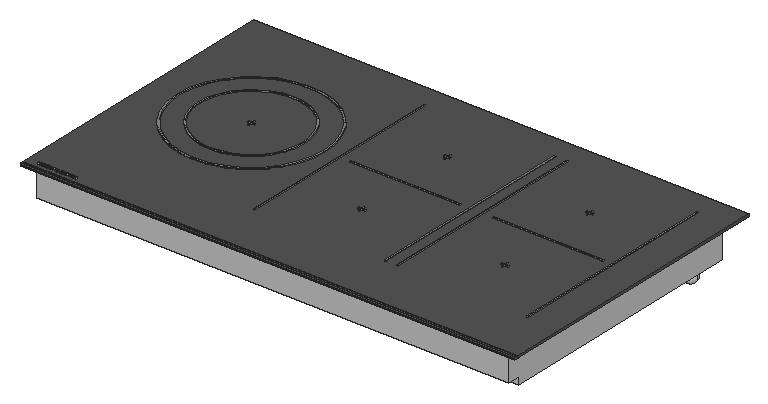
Revit family "FP_Revit_18_CI365DTB4_Cooktop_90000843A", category Specialty Equipment, Revit 2018
Family settings
  Round Connector Dimension = Use Diameter
  Part Type = Normal
  OmniClass Number = 23.40.40.14.17.11
  OmniClass Title = Cookers, Ovens, Stoves
  Work Plane-Based = No
  Always vertical = Yes
  Cut with Voids When Loaded = Yes
  Shared = No
  Room Calculation Point = No
Parameters
  Visibility - Clearance Required = yes
  URL = "www.fisherpaykel.com"
  Product - Width = 899 mm  # constant formula
  Product - Height = 99 mm  # constant formula
  Product - Depth = 530 mm  # constant formula
  Model = "CI365DTB4"
  Material - Trim = Fisher & Paykel - Aluminium, Dark
  Material - Graphics = Fisher & Paykel - Graphics Grey
  Material - Cooktop = Fisher & Paykel - Glass, Black
  Material - Body = Fisher & Paykel - Grey
  Manufacturer = "Fisher & Paykel Appliances"
  FFL Offset [instance] = 915 mm
  Description = "36\" Induction Cooktop"
  Connector Note - Electrical = "208 or 240 V, 39 A or 45 A, 60 Hz,"
  Clearance - Side Combustible = 30 mm  # constant formula
  Clearance - Rear Combustible = 30 mm  # constant formula
  Clearance - Overhead Rangehood = 650 mm  # constant formula
  Clearance - Overhead Non-Combustible = 610 mm  # constant formula
  Clearance - Overhead Combustible = 762 mm  # constant formula
  Clearance - Below = 65 mm  # constant formula
  Chassis - Width = 858 mm  # constant formula
  Chassis - Height = 62 mm  # constant formula
  Chassis - Depth = 484 mm  # constant formula
  Cavity - Width = 870 mm  # constant formula
  Cavity - Height = 62 mm  # constant formula
  Cavity - Depth = 494 mm  # constant formula
Reference planes
  plane 1 "Datum": y = 0
  plane 2: z = 0
  plane 3 "Center (Left/Right)": x = 0
  plane 4 "Product LHS": x = -449.5
  plane 5 "Product RHS": x = 449.5
  plane 6 "Product - Depth": y = 530
  plane 7 "Cavity LHS": x = -435
  plane 8 "Cavity RHS": x = 435
  plane 9 "Chassis - Front": y = 12.2
  plane 10 "Cavity - Front": y = 7.2
  plane 11 "Cavity - Depth": y = 501.2
  plane 12 "Chassis - Depth": y = 496.2
  plane 13 "Basepan": z = 853
  plane 14 "Countertop": z = 915
  plane 15 "Glass": z = 920
Forms (mm)
  Extrusion 1, solid, material "Fisher & Paykel - Glass, Black" <- "Material - Cooktop"
    sketch origin (0, 0, 0) x (0, 1, 0) y (0, 0, 1)
      loop
        line (5.299, 920) -> (5.299, 916) -> (530, 916) -> (530, 920) -> (5.299, 920)
    from -449.5 to 449.5
  Extrusion 2, solid, material "Fisher & Paykel - Aluminium, Dark" <- "Material - Trim", detail levels fine
    sketch origin (0, 0, 0) x (0, 1, 0) y (0, 0, 1)
      loop
        line (5.299, 920) -> (0.45, 920) -> (0, 916.5) -> (0, 915) -> (8.39, 915) -> (8.39, 916) -> (5.299, 916) -> (5.299, 920)
    from -449.5 to 449.5
  Extrusion 3, solid, material "Fisher & Paykel - Clearance Required (Cutout)", visible <- "Visibility - Clearance Required", detail levels coarse
    sketch origin (0, 0, 0) x (1, 0, 0) y (0, 1, 0)
      loop
        line (-435, 501.2) -> (-435, 7.2) -> (435, 7.2) -> (435, 501.2) -> (-435, 501.2)
    from 853 to 915
  Extrusion 4, solid, material "Fisher & Paykel - Aluminium, Dark" <- "Material - Trim", detail levels coarse+medium
    sketch origin (0, 0, 0) x (0, 1, 0) y (0, 0, 1)
      loop
        line (5.299, 920) -> (0, 920) -> (0, 915) -> (5.299, 915) -> (5.299, 920)
    from -449.5 to 449.5
  Extrusion 5, solid, material "Fisher & Paykel - Clearance Required (Combustible)", visible <- "Visibility - Clearance Required", detail levels coarse
    sketch origin (0, 0, 0) x (1, 0, 0) y (0, 1, 0)
      loop
        line (449.5, 0) -> (465, 0) -> (465, 538.387) -> (-465, 538.387) -> (-465, 0) -> (-449.5, 0) -> (-449.5, 530) -> (449.5, 530) -> (449.5, 0)
    from 920 to 1682
  Extrusion 6, solid, material "Fisher & Paykel - Clearance Required (Non-Combustible)", visible <- "Visibility - Clearance Required", detail levels coarse
    sketch origin (0, 0, 0) x (1, 0, 0) y (0, 1, 0)
      loop
        line (-449.5, 0) -> (449.5, 0) -> (449.5, 530) -> (-449.5, 530) -> (-449.5, 0)
    from 920 to 1530
  Extrusion 7, solid, material "Fisher & Paykel - Clearance Required (Rangehood)", visible <- "Visibility - Clearance Required", detail levels coarse
    sketch origin (0, 0, 0) x (1, 0, 0) y (0, 1, 0)
      loop
        line (-449.5, 530) -> (-449.5, 0) -> (449.5, 0) -> (449.5, 530) -> (-449.5, 530)
    from 1530 to 1570
  Extrusion 8, solid, material "Fisher & Paykel - Clearance Required", visible <- "Visibility - Clearance Required", detail levels coarse
    sketch origin (0, 0, 0) x (1, 0, 0) y (0, 1, 0)
      loop
        line (-435, 7.2) -> (435, 7.2) -> (435, 501.2) -> (-435, 501.2) -> (-435, 7.2)
    from 788 to 853
  Extrusion 9, solid, material "Fisher & Paykel - Grey" <- "Material - Body"
    sketch origin (0, 0, 0) x (0, 1, 0) y (0, 0, 1)
      loop
        line (34.2, 865.8) -> (34.2, 853) -> (496.2, 853) -> (496.2, 915) -> (12.2, 915) -> (12.2, 865.8) -> (34.2, 865.8)
    from -429 to 429
  Extrusion 10, void
    sketch origin (0, 0, 0) x (1, 0, 0) y (0, 1, 0)
      loop
        line (321.2, 277.887) -> (321.2, 317.887) -> (251.2, 317.887) -> (251.2, 277.887) -> (321.2, 277.887)
      loop
        line (321.2, 387.887) -> (321.2, 427.887) -> (251.2, 427.887) -> (251.2, 387.887) -> (321.2, 387.887)
      loop
        line (53.4, 317.887) -> (53.4, 387.887) -> (14.226, 387.887) -> (14.226, 317.887) -> (53.4, 317.887)
      loop
        line (-56.6, 317.887) -> (-56.6, 387.887) -> (-96.6, 387.887) -> (-96.6, 317.887) -> (-56.6, 317.887)
      loop
        line (-318.1, 291.637) -> (-318.1, 333.587) -> (-389.85, 333.587) -> (-389.85, 291.637) -> (-318.1, 291.637)
      loop
        line (-318.1, 403.587) -> (-318.1, 443.474) -> (-389.85, 443.474) -> (-389.85, 403.587) -> (-318.1, 403.587)
    from 853 to 870
  Extrusion 11, solid, material "Fisher & Paykel - Graphics Grey" <- "Material - Graphics", detail levels fine
    sketch origin (0, 0, 0) x (1, 0, 0) y (0, 1, 0)
      loop
        line (-104.787, 487.711) -> (-106.987, 487.711) -> (-106.987, 102.565) -> (-104.787, 102.565) -> (-104.787, 487.711)
      loop
        line (-86.192, 296.525) -> (-86.192, 294.325) -> (113.808, 294.325) -> (113.808, 296.525) -> (-86.192, 296.525)
      loop
        line (130.504, 487.711) -> (130.504, 102.565) -> (132.704, 102.565) -> (132.704, 487.711) -> (130.504, 487.711)
      loop
        line (152.482, 102.565) -> (154.682, 102.565) -> (154.682, 487.711) -> (152.482, 487.711) -> (152.482, 102.565)
      loop
        line (172.974, 296.525) -> (172.974, 294.325) -> (372.974, 294.325) -> (372.974, 296.525) -> (172.974, 296.525)
      loop
        line (389.77, 487.711) -> (389.77, 102.565) -> (391.97, 102.565) -> (391.97, 487.711) -> (389.77, 487.711)
      loop
        circle (-265.593, 295.061) r 131.061
      loop
        circle (-265.593, 295.061) r 134.065
      loop
        circle (-265.593, 295.061) r 93.54
      loop
        circle (-265.593, 295.061) r 95.565
      loop
        line (-271.743, 296.045) -> (-271.743, 294.077) -> (-266.577, 294.077) -> (-266.577, 288.911) -> (-264.609, 288.911) -> (-264.609, 294.077) -> (-259.443, 294.077) -> (-259.443, 296.045) -> (-264.609, 296.045) -> (-264.609, 301.211) -> (-266.577, 301.211) -> (-266.577, 296.045) -> (-271.743, 296.045)
      loop
        line (6.709, 199.066) -> (6.709, 197.098) -> (11.875, 197.098) -> (11.875, 191.932) -> (13.843, 191.932) -> (13.843, 197.098) -> (19.009, 197.098) -> (19.009, 199.066) -> (13.843, 199.066) -> (13.843, 204.232) -> (11.875, 204.232) -> (11.875, 199.066) -> (6.709, 199.066)
      loop
        line (266.112, 199.066) -> (266.112, 197.098) -> (271.278, 197.098) -> (271.278, 191.932) -> (273.246, 191.932) -> (273.246, 197.098) -> (278.412, 197.098) -> (278.412, 199.066) -> (273.246, 199.066) -> (273.246, 204.232) -> (271.278, 204.232) -> (271.278, 199.066) -> (266.112, 199.066)
      loop
        line (6.709, 393.008) -> (6.709, 391.041) -> (11.875, 391.041) -> (11.875, 385.875) -> (13.843, 385.875) -> (13.843, 391.041) -> (19.009, 391.041) -> (19.009, 393.008) -> (13.843, 393.008) -> (13.843, 398.175) -> (11.875, 398.175) -> (11.875, 393.008) -> (6.709, 393.008)
      loop
        line (266.112, 393.008) -> (266.112, 391.041) -> (271.278, 391.041) -> (271.278, 385.875) -> (273.246, 385.875) -> (273.246, 391.041) -> (278.412, 391.041) -> (278.412, 393.008) -> (273.246, 393.008) -> (273.246, 398.175) -> (271.278, 398.175) -> (271.278, 393.008) -> (266.112, 393.008)
    from 920 to 921
  Extrusion 12, solid, material "Fisher & Paykel - Grey" <- "Material - Body"
    sketch origin (0, 0, 0) x (1, 0, 0) y (0, 1, 0)
      loop
        line (-440, 520.2) -> (-440, 8.39) -> (440, 8.39) -> (440, 520.2) -> (-440, 520.2)
    from 915 to 916
  Extrusion 13, solid, material "Fisher & Paykel - Clearance Required (Combustible)", visible <- "Visibility - Clearance Required", detail levels coarse
    sketch origin (0, 0, 0) x (1, 0, 0) y (0, 1, 0)
      loop
        line (-449.5, 530) -> (-449.5, 0) -> (449.5, 0) -> (449.5, 530) -> (-449.5, 530)
    from 1570 to 1682
  Extrusion 14, void
    sketch origin (0, 0, 0) x (1, 0, 0) y (0, 1, 0)
      loop
        line (-435, 7.2) -> (435, 7.2) -> (435, 501.2) -> (-435, 501.2) -> (-435, 7.2)
    from 788 to 915
Cuts and joins
  Extrusion 10 cuts Extrusion 1
  Extrusion 10 cuts Extrusion 6
  Extrusion 10 cuts Extrusion 9
Text (mm)
  text "Due to ongoing product development, product details are subject to change without notice. \nPlease always refer to www.fisherpaykel.com for the most current product information. \n© Fisher & Paykel 2020" at (41.04, -387.478, 0), in view "Ref. Level (Plan)"
Dimensions and locks
  equal spacing: plane 4 "Product LHS", plane 3 "Center (Left/Right)", plane 5 "Product RHS"
  "Product - Width": plane 4 "Product LHS" to plane 5 "Product RHS"
  equal spacing: plane 7 "Cavity LHS", plane 3 "Center (Left/Right)", plane 8 "Cavity RHS"
  "Cavity - Width": plane 7 "Cavity LHS" to plane 8 "Cavity RHS"
  "Product - Depth": Extrusion 1 to plane 1 "Datum"
  equal spacing: Extrusion 9, plane 3 "Center (Left/Right)", Extrusion 9
  "Chassis - Width": Extrusion 9 to Extrusion 9
  "Clearance - Side Combustible": plane 8 "Cavity RHS" to Extrusion 5
  "Clearance - Side Combustible": Extrusion 5 to plane 7 "Cavity LHS"
  plane 1 "Datum" to plane 9 "Chassis - Front" = 12.2 mm
  plane 10 "Cavity - Front" to plane 9 "Chassis - Front" = 5 mm
  "Cavity - Depth": plane 11 "Cavity - Depth" to plane 10 "Cavity - Front"
  "Chassis - Depth": plane 12 "Chassis - Depth" to plane 9 "Chassis - Front"
  equal spacing: Extrusion 12 sketch curve, plane 3 "Center (Left/Right)", Extrusion 12 sketch curve
  plane 4 "Product LHS" to Extrusion 12 sketch curve = 9.5 mm
  locked: plane 4 "Product LHS" to nested 1 at 20.001
  "Chassis - Height": plane 14 "Countertop" to plane 13 "Basepan"
  locked: plane 15 "Glass" to plane 14 "Countertop" at 5
  "FFL Offset": plane 14 "Countertop" to level
  "Cavity - Height": plane 14 "Countertop" to Extrusion 8
  "Clearance - Below": Extrusion 8 to Extrusion 8
  locked: plane 15 "Glass" to Extrusion 1 sketch curve at 4
  locked: Extrusion 11 to plane 15 "Glass" at 1
  locked: cut or joined group of Extrusion 9, Extrusion 10 to plane 13 "Basepan" at 17
  locked: plane 13 "Basepan" to nested 2 at 13
  locked: nested 1 to plane 15 "Glass" at 0.8
  "Clearance - Overhead Non-Combustible": cut or joined group of Extrusion 6, Extrusion 10 to plane 15 "Glass"
  "Clearance - Overhead Combustible": Extrusion 5 to plane 15 "Glass"
  "Clearance - Overhead Rangehood": Extrusion 7 to plane 15 "Glass"
  aligned and locked: level to plane 2
  aligned and locked: Extrusion 1 to plane 5 "Product RHS"
  aligned and locked: Extrusion 1 to plane 4 "Product LHS"
  aligned and locked: Extrusion 2 to plane 5 "Product RHS"
  aligned and locked: Extrusion 7 to Extrusion 6
  aligned and locked: plane 4 "Product LHS" to Extrusion 4
  aligned and locked: Extrusion 4 to plane 5 "Product RHS"
  aligned and locked: Extrusion 4 to Extrusion 1
  aligned and locked: Extrusion 1 to Extrusion 4
  aligned and locked: Extrusion 5 sketch curve to plane 5 "Product RHS"
  aligned and locked: plane 11 "Cavity - Depth" to Extrusion 3
  aligned and locked: Extrusion 3 to Extrusion 8
  aligned and locked: Extrusion 8 to Extrusion 3  (x2)
  aligned and locked: plane 10 "Cavity - Front" to Extrusion 8
  aligned and locked: plane 4 "Product LHS" to Extrusion 2
  aligned and locked: plane 14 "Countertop" to Extrusion 3
  aligned and locked: Extrusion 6 to plane 15 "Glass"
  aligned and locked: Extrusion 5 to cut or joined group of Extrusion 6, Extrusion 10
  aligned and locked: Extrusion 1 sketch curve to plane 15 "Glass"
  aligned and locked: plane 14 "Countertop" to Extrusion 9 sketch curve
  aligned and locked: Extrusion 9 sketch curve to plane 13 "Basepan"
  aligned and locked: Extrusion 5 to Extrusion 11
  aligned and locked: Extrusion 3 to Extrusion 10
  aligned and locked: Extrusion 2 sketch curve to plane 14 "Countertop"
  aligned and locked: Extrusion 2 sketch curve to cut or joined group of Extrusion 1, Extrusion 10
  aligned and locked: plane 15 "Glass" to Extrusion 2 sketch curve
  aligned and locked: Extrusion 4 to Extrusion 2  (x2)
  aligned and locked: Extrusion 12 to cut or joined group of Extrusion 1, Extrusion 10
  aligned and locked: Extrusion 12 to Extrusion 3
  aligned and locked: Extrusion 5 to Extrusion 13
  aligned and locked: Extrusion 13 to Extrusion 7
  aligned and locked: Extrusion 14 to Extrusion 3
  aligned and locked: Extrusion 14 to Extrusion 8
Automatic sketch dimensions
  Extrusion 1 sketch curve to plane 6 "Product - Depth" = 0 mm
  plane 10 "Cavity - Front" to Extrusion 1 sketch curve = 1.901 mm
  Extrusion 2 sketch curve to plane 1 "Datum" = 0 mm
  Extrusion 2 sketch curve to plane 1 "Datum" = 0.45 mm
  plane 10 "Cavity - Front" to Extrusion 2 sketch curve = 1.901 mm
  Extrusion 2 sketch curve to plane 10 "Cavity - Front" = 1.19 mm
  Extrusion 2 sketch curve to Extrusion 2 sketch curve = 1.5 mm
  plane 10 "Cavity - Front" to Extrusion 3 sketch curve = 0 mm
  Extrusion 3 sketch curve to plane 11 "Cavity - Depth" = 0 mm
  plane 7 "Cavity LHS" to Extrusion 3 sketch curve = 0 mm
  Extrusion 3 sketch curve to plane 8 "Cavity RHS" = 0 mm
  Extrusion 4 sketch curve to plane 1 "Datum" = 0 mm
  Extrusion 4 sketch curve to plane 14 "Countertop" = 0 mm
  Extrusion 4 sketch curve to plane 15 "Glass" = 0 mm
  plane 10 "Cavity - Front" to Extrusion 4 sketch curve = 1.901 mm
  plane 1 "Datum" to Extrusion 5 sketch curve = 0 mm  (x2)
  Extrusion 5 sketch curve to plane 4 "Product LHS" = 0 mm
  Extrusion 5 sketch curve to plane 6 "Product - Depth" = 0 mm
  plane 4 "Product LHS" to Extrusion 5 sketch curve = 15.5 mm
  Extrusion 5 sketch curve to plane 5 "Product RHS" = 15.5 mm
  plane 6 "Product - Depth" to Extrusion 5 sketch curve = 8.387 mm
  Extrusion 6 sketch curve to plane 4 "Product LHS" = 0 mm
  Extrusion 6 sketch curve to plane 5 "Product RHS" = 0 mm
  plane 1 "Datum" to Extrusion 6 sketch curve = 0 mm
  Extrusion 6 sketch curve to plane 6 "Product - Depth" = 0 mm
  plane 1 "Datum" to Extrusion 7 sketch curve = 0 mm
  Extrusion 7 sketch curve to plane 4 "Product LHS" = 0 mm
  Extrusion 7 sketch curve to plane 5 "Product RHS" = 0 mm
  Extrusion 7 sketch curve to plane 6 "Product - Depth" = 0 mm
  Extrusion 8 sketch curve to plane 11 "Cavity - Depth" = 0 mm
  plane 10 "Cavity - Front" to Extrusion 8 sketch curve = 0 mm
  plane 7 "Cavity LHS" to Extrusion 8 sketch curve = 0 mm
  Extrusion 8 sketch curve to plane 8 "Cavity RHS" = 0 mm
  Extrusion 9 sketch curve to plane 9 "Chassis - Front" = 0 mm
  Extrusion 9 sketch curve to plane 12 "Chassis - Depth" = 0 mm
  Extrusion 9 sketch curve to plane 9 "Chassis - Front" = 22 mm
  Extrusion 9 sketch curve to Extrusion 9 sketch curve = 12.8 mm
  Extrusion 10 sketch curve to plane 7 "Cavity LHS" = 45.15 mm  (x2)
  Extrusion 10 sketch curve to Extrusion 10 sketch curve = 71.75 mm
  Extrusion 10 sketch curve to Extrusion 10 sketch curve = 0 mm  (x3)
  Extrusion 10 sketch curve to plane 3 "Center (Left/Right)" = 96.6 mm
  Extrusion 10 sketch curve to Extrusion 10 sketch curve = 40 mm  (x3)
  plane 3 "Center (Left/Right)" to Extrusion 10 sketch curve = 14.226 mm
  Extrusion 10 sketch curve to Extrusion 10 sketch curve = 39.174 mm
  Extrusion 10 sketch curve to plane 12 "Chassis - Depth" = 68.313 mm
  plane 8 "Cavity RHS" to Extrusion 10 sketch curve = 183.8 mm
  Extrusion 10 sketch curve to Extrusion 10 sketch curve = 70 mm  (x5)
  Extrusion 10 sketch curve to plane 12 "Chassis - Depth" = 92.613 mm
  Extrusion 10 sketch curve to plane 12 "Chassis - Depth" = 108.313 mm  (x2)
  Extrusion 10 sketch curve to Extrusion 10 sketch curve = 41.95 mm
  Extrusion 10 sketch curve to Extrusion 10 sketch curve = 39.887 mm
  Extrusion 11 sketch curve to Extrusion 11 sketch curve = 0 mm  (x25)
  Extrusion 11 sketch curve to plane 7 "Cavity LHS" = 163.257 mm
  Extrusion 11 sketch curve to Extrusion 11 sketch curve = 5.166 mm  (x20)
  Extrusion 11 sketch curve to Extrusion 11 sketch curve = 0.984 mm  (x3)
  Extrusion 11 sketch curve to Extrusion 11 sketch curve = 1.968 mm  (x18)
  Extrusion 11 sketch curve to plane 12 "Chassis - Depth" = 8.489 mm  (x4)
  Extrusion 11 sketch curve to plane 3 "Center (Left/Right)" = 106.987 mm
  Extrusion 11 sketch curve to Extrusion 11 sketch curve = 2.2 mm  (x6)
  Extrusion 11 sketch curve to plane 3 "Center (Left/Right)" = 86.192 mm
  plane 3 "Center (Left/Right)" to Extrusion 11 sketch curve = 6.709 mm  (x2)
  plane 3 "Center (Left/Right)" to Extrusion 11 sketch curve = 113.808 mm
  plane 3 "Center (Left/Right)" to Extrusion 11 sketch curve = 130.504 mm
  Extrusion 11 sketch curve to Extrusion 11 sketch curve = 19.778 mm
  Extrusion 11 sketch curve to Extrusion 11 sketch curve = 59.166 mm
  Extrusion 11 sketch curve to Extrusion 11 sketch curve = 93.138 mm  (x2)
  plane 8 "Cavity RHS" to Extrusion 11 sketch curve = 62.026 mm
  plane 8 "Cavity RHS" to Extrusion 11 sketch curve = 45.23 mm
  Extrusion 11 sketch curve to plane 12 "Chassis - Depth" = 98.025 mm  (x2)
  Extrusion 11 sketch curve to plane 12 "Chassis - Depth" = 194.989 mm
  Extrusion 11 sketch curve to Extrusion 11 sketch curve = 94.516 mm
  Extrusion 11 sketch curve to Extrusion 11 sketch curve = 90.093 mm  (x2)
  Extrusion 11 sketch curve to plane 9 "Chassis - Front" = 90.365 mm  (x3)
  Extrusion 12 sketch curve to plane 10 "Cavity - Front" = 1.19 mm
  Extrusion 12 sketch curve to plane 6 "Product - Depth" = 9.8 mm
  plane 1 "Datum" to Extrusion 13 sketch curve = 0 mm
  Extrusion 13 sketch curve to plane 4 "Product LHS" = 0 mm
  Extrusion 13 sketch curve to plane 5 "Product RHS" = 0 mm
  Extrusion 13 sketch curve to plane 6 "Product - Depth" = 0 mm
  Extrusion 14 sketch curve to plane 11 "Cavity - Depth" = 0 mm
  plane 10 "Cavity - Front" to Extrusion 14 sketch curve = 0 mm
  plane 7 "Cavity LHS" to Extrusion 14 sketch curve = 0 mm
  Extrusion 14 sketch curve to plane 8 "Cavity RHS" = 0 mm
  radius of Extrusion 11 sketch curve = 131.061 mm
  radius of Extrusion 11 sketch curve = 134.065 mm
  radius of Extrusion 11 sketch curve = 93.54 mm
  radius of Extrusion 11 sketch curve = 95.565 mm
Nested families
  nested 1: "F&P Logo 70mm Horizontal" at (-394.501, 14.253, 920), type "F&P Logo 70mm Horizontal"
  nested 2: "F&P Power Connection Cooktop" at (399.3, 461.987, 915), type "F&P Power Connection Cooktop"
Connectors
  electrical at (359.3, 392.906, 832.8), driven by "Connector Note - Electrical"
    settings: on nested 2, index 1, voltage 120 V, apparent load 0 VA, apparent load phase1 0 VA, apparent load phase2 0 VA, apparent load phase3 0 VA, power factor 1, load classification "Other", number of poles 2, system type 30, power factor state 1, is connector primary yes, connector utility no, sub classification motor no, connector description "208 or 240 V, 39 A or 45 A, 60 Hz,"
Definition of nested family "F&P Logo 70mm Horizontal"
  Parameters (values of type "F&P Logo 70mm Horizontal")
    URL = "www.fisherpaykel.com"
    Material - Logo = none
    Manufacturer = "Fisher & Paykel Appliances"
  Reference planes
    plane 1 "Center (Front/Back)": y = 0
    plane 2: z = 0
    plane 3 "Center (Left/Right)": x = 0
  Forms (mm)
    Extrusion 1, solid, material <- "Material - Logo", detail levels fine
      sketch origin (0, 0, 0) x (1, 0, 0) y (0, 1, 0)
        loop
          line (-34.997, -0.356) -> (-33.895, -0.356) -> (-33.895, 1.141) -> (-32.174, 1.141) -> (-32.174, 2.075) -> (-33.895, 2.075) -> (-33.895, 2.943) -> (-32.023, 2.943) -> (-32.023, 3.872) -> (-34.997, 3.872) -> (-34.997, -0.356)
        loop
          line (-29.929, 3.872) -> (-29.929, -0.356) -> (-28.828, -0.356) -> (-28.828, 3.872) -> (-29.929, 3.872)
        loop
          line (-21.473, 3.872) -> (-21.473, -0.356) -> (-20.372, -0.356) -> (-20.372, 1.338) -> (-18.754, 1.338) -> (-18.754, -0.356) -> (-17.652, -0.356) -> (-17.652, 3.872) -> (-18.754, 3.872) -> (-18.754, 2.268) -> (-20.372, 2.268) -> (-20.372, 3.872) -> (-21.473, 3.872)
        loop
          line (-15.301, 3.872) -> (-15.301, -0.356) -> (-12.288, -0.356) -> (-12.288, 0.444) -> (-14.209, 0.444) -> (-14.209, 1.338) -> (-12.453, 1.338) -> (-12.453, 2.268) -> (-14.209, 2.268) -> (-14.209, 3.072) -> (-12.288, 3.072) -> (-12.288, 3.872) -> (-15.301, 3.872)
        loop
          line (32, 3.872) -> (32, -0.356) -> (35.003, -0.356) -> (35.003, 0.574) -> (33.102, 0.574) -> (33.102, 3.872) -> (32, 3.872)
        loop
          line (29.735, 3.872) -> (26.712, 3.872) -> (26.712, -0.356) -> (29.735, -0.356) -> (29.735, 0.444) -> (27.814, 0.444) -> (27.814, 1.338) -> (29.57, 1.338) -> (29.57, 2.268) -> (27.814, 2.268) -> (27.814, 3.072) -> (29.735, 3.072) -> (29.735, 3.872)
        loop
          line (23.449, 1.848) -> (25.012, 3.872) -> (23.724, 3.872) -> (22.374, 2.124) -> (22.374, 3.872) -> (21.273, 3.872) -> (21.273, -0.356) -> (22.374, -0.356) -> (22.374, 1.538) -> (23.765, -0.356) -> (25.067, -0.356) -> (23.449, 1.848)
        loop
          line (15.42, 3.872) -> (17.017, 1.338) -> (17.017, -0.356) -> (18.119, -0.356) -> (18.119, 1.283) -> (19.717, 3.872) -> (18.546, 3.872) -> (17.603, 2.239) -> (16.66, 3.872) -> (15.42, 3.872)
        loop
          line (12.969, 3.872) -> (11.922, 3.872) -> (10.2, -0.356) -> (11.282, -0.356) -> (11.585, 0.422) -> (13.278, 0.422) -> (13.581, -0.356) -> (14.69, -0.356) -> (12.969, 3.872)
        loop
          line (12.913, 1.352) -> (12.419, 2.566) -> (11.946, 1.352) -> (12.913, 1.352)
        loop
          line (5.556, 3.872) -> (5.556, -0.356) -> (6.653, -0.356) -> (6.653, 1.001) -> (7.453, 1.001)
          spline (7.453, 1.001) -> (7.884, 1.05) -> (8.285, 1.193) -> (8.63, 1.421) -> (8.895, 1.719) -> (9.061, 2.065) -> (9.118, 2.436) -> (9.061, 2.808) -> (8.895, 3.154) -> (8.63, 3.452) -> (8.285, 3.68) -> (7.884, 3.823) -> (7.453, 3.872)
          line (7.453, 3.872) -> (5.556, 3.872)
        loop
          spline (7.385, 1.882) -> (7.558, 1.9) -> (7.72, 1.953) -> (7.858, 2.037) -> (7.965, 2.147) -> (8.032, 2.275) -> (8.055, 2.412) -> (8.032, 2.55) -> (7.965, 2.677) -> (7.858, 2.787) -> (7.72, 2.872) -> (7.558, 2.924) -> (7.385, 2.943)
          line (7.385, 2.943) -> (6.585, 2.943) -> (6.585, 1.882) -> (7.385, 1.882)
        loop
          line (-8.294, 2.943) -> (-9.094, 2.943) -> (-9.094, 1.781) -> (-8.294, 1.781)
          spline (-8.294, 1.781) -> (-8.121, 1.801) -> (-7.96, 1.859) -> (-7.822, 1.951) -> (-7.716, 2.072) -> (-7.649, 2.212) -> (-7.626, 2.362) -> (-7.649, 2.512) -> (-7.716, 2.652) -> (-7.822, 2.772) -> (-7.96, 2.865) -> (-8.121, 2.923) -> (-8.294, 2.943)
        loop
          line (-8.214, 3.872) -> (-10.262, 3.872) -> (-10.262, -0.356) -> (-9.094, -0.356) -> (-9.094, 0.492) -> (-8.294, 0.492) -> (-7.647, -0.356) -> (-6.373, -0.356) -> (-7.445, 1.016)
          spline (-7.445, 1.016) -> (-7.148, 1.205) -> (-6.902, 1.45) -> (-6.72, 1.739) -> (-6.611, 2.058) -> (-6.58, 2.391) -> (-6.628, 2.723) -> (-6.754, 3.037) -> (-6.95, 3.317) -> (-7.208, 3.551) -> (-7.515, 3.726) -> (-7.856, 3.835) -> (-8.214, 3.872)
        loop
          line (0.368, 2.943) -> (0.368, 3.951) -> (-2.559, 3.951) -> (-2.559, 3.151) -> (-2.048, 2.522)
          spline (-2.048, 2.522) -> (-2.373, 2.187) -> (-2.606, 1.789) -> (-2.731, 1.355) -> (-2.74, 0.914) -> (-2.632, 0.497) -> (-2.414, 0.133) -> (-2.102, -0.155) -> (-1.716, -0.347) -> (-1.283, -0.429) -> (-0.832, -0.395) -> (-0.395, -0.249) -> (0, 0)
          line (0, 0) -> (0.504, -0.621) -> (1.644, -0.621) -> (0.602, 0.712) -> (1.591, 2.137) -> (0.459, 2.137) -> (0.003, 1.48) -> (-1.14, 2.943) -> (0.368, 2.943)
        loop
          spline (-1.353, 1.874) -> (-1.563, 1.673) -> (-1.729, 1.449) -> (-1.839, 1.217) -> (-1.886, 0.992) -> (-1.867, 0.792) -> (-1.783, 0.627) -> (-1.639, 0.511) -> (-1.447, 0.451) -> (-1.218, 0.451) -> (-0.968, 0.512) -> (-0.714, 0.628) -> (-0.475, 0.792)
          line (-0.475, 0.792) -> (-1.353, 1.874)
        loop
          arc (-25.449, 3.004) -> (-24.591, 2.949) -> (-23.808, 2.592) r 2.379
          line (-23.808, 2.592) -> (-23.808, 3.586)
          arc (-23.808, 3.586) -> (-24.619, 3.915) -> (-25.494, 3.936) r 2.437
          arc (-25.494, 3.936) -> (-26.617, 2.99) -> (-26.18, 1.588) r 1.327
          arc (-26.18, 1.588) -> (-25.746, 1.367) -> (-25.276, 1.236) r 2.46
          spline (-25.276, 1.236) -> (-25.124, 1.211) -> (-24.98, 1.158) -> (-24.856, 1.083) -> (-24.761, 0.989) -> (-24.703, 0.886) -> (-24.686, 0.78) -> (-24.713, 0.681) -> (-24.78, 0.596) -> (-24.882, 0.532) -> (-25.011, 0.494) -> (-25.158, 0.485) -> (-25.311, 0.505)
          arc (-25.311, 0.505) -> (-26.045, 0.647) -> (-26.714, 0.98) r 2.761
          line (-26.714, 0.98) -> (-26.714, -0.067)
          arc (-26.714, -0.067) -> (-25.66, -0.377) -> (-24.564, -0.318) r 3.237
          arc (-24.564, -0.318) -> (-23.597, 0.72) -> (-24.205, 2.002) r 1.263
          arc (-24.205, 2.002) -> (-24.834, 2.249) -> (-25.488, 2.42) r 5.78
          spline (-25.488, 2.42) -> (-25.537, 2.449) -> (-25.58, 2.49) -> (-25.615, 2.541) -> (-25.639, 2.6) -> (-25.653, 2.664) -> (-25.654, 2.73) -> (-25.644, 2.795) -> (-25.622, 2.856) -> (-25.59, 2.909) -> (-25.549, 2.953) -> (-25.502, 2.985) -> (-25.449, 3.004)
      from 0 to 0.8
  Dimensions and locks
    Extrusion 1 sketch curve to Extrusion 1 sketch curve = 70 mm
    aligned and locked: level to plane 2
Definition of nested family "F&P Power Connection Cooktop"
  Parameters (values of type "F&P Power Connection Cooktop")
    URL = "www.fisherpaykel.com"
    Model = ""
    Material - Body = none
    Manufacturer = "Fisher & Paykel Appliances"
    Description = ""
  Reference planes
    plane 1 "Center (Front/Back)": y = 0
    plane 2: z = 0
    plane 3 "Center (Left/Right)": x = 0
  Forms (mm)
    Extrusion 1, solid, material <- "Material - Body"
      sketch origin (-399.3, -461.987, 0) x (1, 0, 0) y (0, 1, 0)
        loop
          line (371.3, 470.923) -> (371.3, 477.382)
          arc (371.3, 477.382) -> (365.3, 483.382) -> (359.3, 477.382) r 6
          line (359.3, 477.382) -> (359.3, 470.923) -> (371.3, 470.923)
        loop
          circle (365.3, 477.382) r 2
        loop
          line (371.3, 453.05) -> (359.3, 453.05) -> (359.3, 446.592)
          arc (359.3, 446.592) -> (365.3, 440.592) -> (371.3, 446.592) r 6
          line (371.3, 446.592) -> (371.3, 453.05)
        loop
          circle (365.3, 446.592) r 2
      from -85 to -75
    Revolve 2, solid, material <- "Material - Body"
      sketch origin (-399.3, 0, 0) x (1, 0, 0) y (0, 0, 1)
        loop
          line (359.3, -70.404) -> (359.3, -82.2) -> (411.196, -82.2)
          arc (411.196, -82.2) -> (407.741, -73.859) -> (399.4, -70.404) r 11.796
          line (399.4, -70.404) -> (359.3, -70.404)
        axis (359.3, -82.2) -> (411.196, -82.2)
      angle from 0 to 360
    Revolve 3, solid, material <- "Material - Body"
      sketch origin (-399.3, 0, 0) x (1, 0, 0) y (0, 0, 1)
        loop
          line (410.3, -62) -> (399.3, -62) -> (399.3, -82.2) -> (410.3, -82.2) -> (410.3, -62)
        axis (399.3, -62) -> (399.3, -82.2)
      angle from 0 to 360
    Sweep 4, solid, material <- "Material - Body"
      path origin (-399.3, -461.987, 0) x (1, 0, 0) y (0, 1, 0)
        loop
          line (359.3, 392.906) -> (280.841, 392.906)
          arc (280.841, 392.906) -> (222.158, 372.738) -> (188.271, 320.757) r 95.459
          arc (188.271, 320.757) -> (14.034, 258.449) -> (22.747, 443.286) r 111.355
          arc (22.747, 443.286) -> (55.057, 457.224) -> (89.922, 461.987) r 130
          line (89.922, 461.987) -> (359.3, 461.987)
      profile origin (-174.689, 0, 0) x (0, 1, 0) y (0, 0, 1)
        loop
          circle (0, -82.2) r 11
    Extrusion 5, solid, material <- "Material - Body", detail levels medium+fine
      sketch origin (-170.063, -461.987, 0) x (0, 1, 0) y (0, 0, 1)
        loop
          circle (392.954, -77.981) r 3
        loop
          circle (388.579, -82.669) r 3
        loop
          circle (397.329, -82.669) r 3
        loop
          circle (392.954, -87.356) r 3
      from 160 to 130.063
  Cuts and joins
    joined: Extrusion 1, Revolve 2, Revolve 3
  Text (mm)
    text "Due to ongoing product development, product details are subject to change without notice. \nPlease always refer to www.fisherpaykel.com for the most current product information. \n© Fisher & Paykel 2020" at (41.04, -387.478, 0), in view "Ref. Level (Plan)"
  Dimensions and locks
    aligned and locked: level to plane 2
